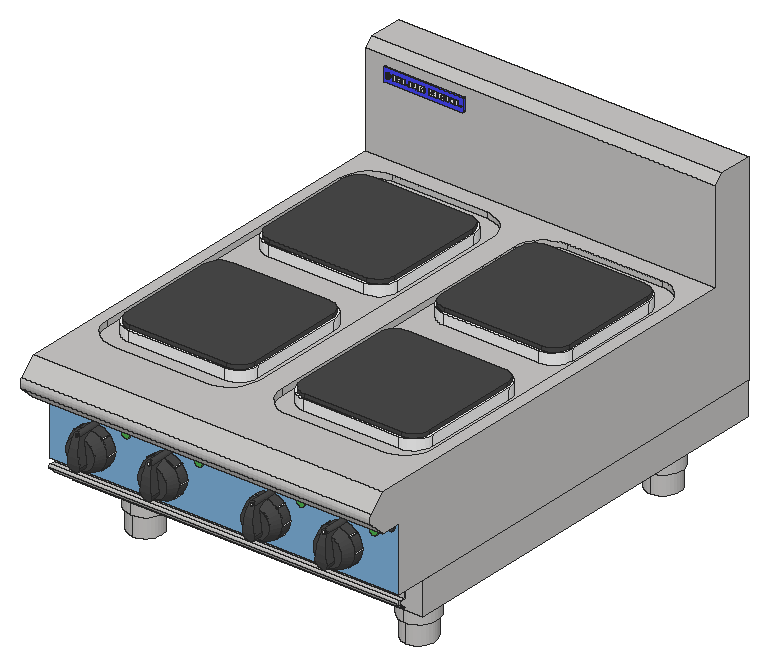
Revit family "QF_Moffat_E514S-B_Electric_Cooktop_cat", category Specialty Equipment, Revit 2019 (continued)
Definition of nested family "QF_LOGO_BLue Seal"
  Automatic sketch dimensions
    Extrusion 2 sketch curve to Extrusion 2 sketch curve = 0.088 mm
    Extrusion 2 sketch curve to Extrusion 2 sketch curve = 0.029 mm
    Extrusion 2 sketch curve to Extrusion 2 sketch curve = 0.27 mm
    Extrusion 2 sketch curve to Extrusion 2 sketch curve = 7.371 mm
    Extrusion 2 sketch curve to Extrusion 2 sketch curve = 0.965 mm
    Extrusion 2 sketch curve to Extrusion 2 sketch curve = 1 mm  (x24)
    Extrusion 2 sketch curve to Extrusion 2 sketch curve = 4.503 mm
    Extrusion 2 sketch curve to Extrusion 2 sketch curve = 2.434 mm
    Extrusion 2 sketch curve to Extrusion 2 sketch curve = 4.362 mm
    Extrusion 2 sketch curve to Extrusion 2 sketch curve = 3.517 mm
    Extrusion 2 sketch curve to Extrusion 2 sketch curve = 3.787 mm  (x2)
    Extrusion 2 sketch curve to Extrusion 2 sketch curve = 4.787 mm  (x2)
    Extrusion 2 sketch curve to Extrusion 2 sketch curve = 4.588 mm  (x2)
    Extrusion 2 sketch curve to Extrusion 2 sketch curve = 1.798 mm
    Extrusion 2 sketch curve to Extrusion 2 sketch curve = 1.956 mm
    Extrusion 2 sketch curve to Extrusion 2 sketch curve = 3.735 mm
    Extrusion 2 sketch curve to Extrusion 2 sketch curve = 1.146 mm
    Extrusion 2 sketch curve to Extrusion 2 sketch curve = 3.631 mm
    Extrusion 2 sketch curve to Extrusion 2 sketch curve = 3.713 mm
    Extrusion 2 sketch curve to Extrusion 2 sketch curve = 0.959 mm
    Extrusion 2 sketch curve to Extrusion 2 sketch curve = 1.688 mm
    Extrusion 2 sketch curve to plane 7 "Center Y" = 3.94 mm
    plane 7 "Center Y" to Extrusion 2 sketch curve = 0.777 mm
    plane 7 "Center Y" to Extrusion 2 sketch curve = 0.845 mm
    plane 7 "Center Y" to Extrusion 2 sketch curve = 0.988 mm
    Extrusion 2 sketch curve to Extrusion 2 sketch curve = 7.327 mm
    Extrusion 2 sketch curve to Extrusion 2 sketch curve = 4.556 mm
    Extrusion 2 sketch curve to Extrusion 2 sketch curve = 3.087 mm
    Extrusion 2 sketch curve to Extrusion 2 sketch curve = 4.657 mm  (x2)
    Extrusion 2 sketch curve to Extrusion 2 sketch curve = 0.004 mm
    Extrusion 2 sketch curve to Extrusion 2 sketch curve = 0.996 mm
    Extrusion 2 sketch curve to Extrusion 2 sketch curve = 1.402 mm
    Extrusion 2 sketch curve to Extrusion 2 sketch curve = 5.025 mm
    Extrusion 2 sketch curve to Extrusion 2 sketch curve = 4.717 mm
    Extrusion 2 sketch curve to Extrusion 2 sketch curve = 4.785 mm
    Extrusion 2 sketch curve to Extrusion 2 sketch curve = 0.211 mm
    Extrusion 2 sketch curve to Extrusion 2 sketch curve = 2.578 mm
    Extrusion 2 sketch curve to Extrusion 2 sketch curve = 3.936 mm
    Extrusion 2 sketch curve to Extrusion 2 sketch curve = 0.5 mm  (x2)
    Extrusion 2 sketch curve to Extrusion 2 sketch curve = 1.76 mm
    Extrusion 2 sketch curve to Extrusion 2 sketch curve = 2.76 mm
    Extrusion 2 sketch curve to Extrusion 2 sketch curve = 3.875 mm
    Extrusion 2 sketch curve to Extrusion 2 sketch curve = 4.875 mm
    Extrusion 2 sketch curve to Extrusion 2 sketch curve = 1.717 mm
    level to Extrusion 2 sketch curve = 7.169 mm  (x6)
    level to Extrusion 2 sketch curve = 7.227 mm
    Extrusion 2 sketch curve to Extrusion 2 sketch curve = 0.003 mm
    Extrusion 2 sketch curve to Extrusion 2 sketch curve = 0.983 mm  (x2)
    Extrusion 2 sketch curve to Extrusion 2 sketch curve = 1.01 mm  (x2)
    Extrusion 2 sketch curve to Extrusion 2 sketch curve = 1.376 mm
    Extrusion 2 sketch curve to Extrusion 2 sketch curve = 0.588 mm
    Extrusion 2 sketch curve to Extrusion 2 sketch curve = 0.966 mm
    Extrusion 2 sketch curve to Extrusion 2 sketch curve = 2.037 mm  (x2)
    Extrusion 2 sketch curve to Extrusion 2 sketch curve = 0.772 mm  (x2)
    Extrusion 2 sketch curve to Extrusion 2 sketch curve = 1.539 mm
    Extrusion 2 sketch curve to Extrusion 2 sketch curve = 0.961 mm
    Extrusion 2 sketch curve to Extrusion 2 sketch curve = 1.28 mm  (x2)
    Extrusion 2 sketch curve to Extrusion 2 sketch curve = 1.878 mm
    Extrusion 2 sketch curve to Extrusion 2 sketch curve = 2.905 mm
    Extrusion 2 sketch curve to Extrusion 2 sketch curve = 3.969 mm
    Extrusion 2 sketch curve to Extrusion 2 sketch curve = 0.84 mm  (x2)
    Extrusion 2 sketch curve to Extrusion 2 sketch curve = 2.448 mm
    Extrusion 2 sketch curve to Extrusion 2 sketch curve = 2.202 mm
    Extrusion 2 sketch curve to Extrusion 2 sketch curve = 2.222 mm
    Extrusion 2 sketch curve to Extrusion 2 sketch curve = 1.332 mm
    Extrusion 2 sketch curve to Extrusion 2 sketch curve = 1.12 mm  (x2)
    Extrusion 2 sketch curve to Extrusion 2 sketch curve = 0.929 mm
    Extrusion 2 sketch curve to Extrusion 2 sketch curve = 1.051 mm  (x2)
    Extrusion 2 sketch curve to Extrusion 2 sketch curve = 5.129 mm  (x2)
    Extrusion 2 sketch curve to Extrusion 2 sketch curve = 4.147 mm
    Extrusion 2 sketch curve to Extrusion 2 sketch curve = 0.516 mm
    plane 3 "LEFT" to Extrusion 2 sketch curve = 3.555 mm
    plane 3 "LEFT" to Extrusion 3 sketch curve = 8.107 mm
    Extrusion 3 sketch curve to Extrusion 3 sketch curve = 0.182 mm
    level to Extrusion 3 sketch curve = 7.231 mm
    Extrusion 3 sketch curve to Extrusion 3 sketch curve = 3.969 mm
    Extrusion 4 sketch curve to plane 3 "LEFT" = 8.107 mm
    Extrusion 4 sketch curve to Extrusion 4 sketch curve = 0.088 mm
    Extrusion 4 sketch curve to level = 7.227 mm
    Extrusion 4 sketch curve to Extrusion 4 sketch curve = 3.972 mm
